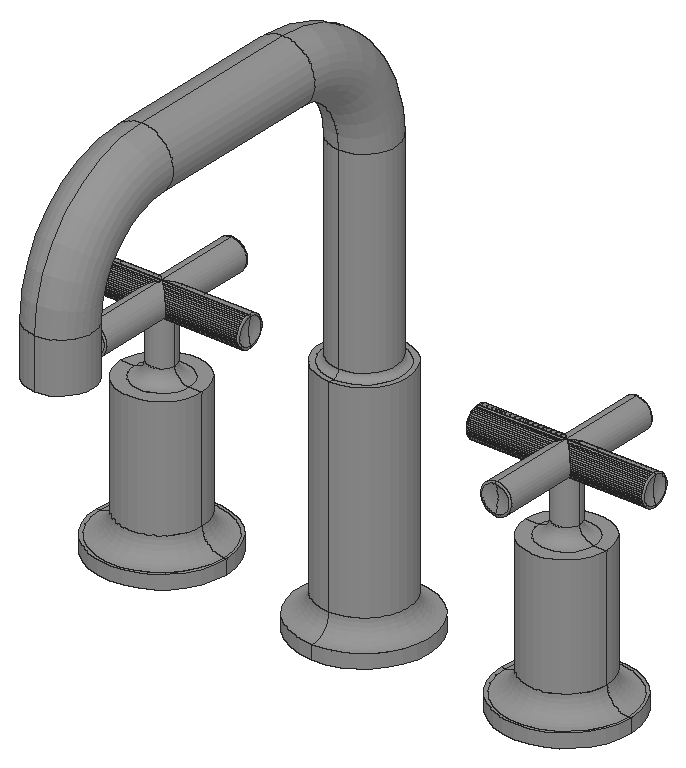
Revit family "Faucet-Deck_Mount-Bath-KOHLER-PURIST-K-14428T", category Plumbing Fixtures, host Face, Revit 2017
Family settings
  Host = Face
  Round Connector Dimension = Use Diameter
  Part Type = Normal
  OmniClass Number = 23.31.11.00
  OmniClass Title = Faucets
  Cut with Voids When Loaded = No
  Shared = No
  Room Calculation Point = No
Parameters (values of type "Not A Type-See Type Catalog")
  Width [instance] = Faucet Hole Spacing  # 8"
  WaterSense Certified = 1 = 0  # no
  Waste Water Outlet = "Waste Water Outlet"  # constant formula
  Waste Connection = 1 = 0  # no
  Vent Connection = 1 = 0  # no
  URL = "http://www.kohler.com.cn/"
  Type = 1
  Spout Reach = 7 1/2"  # constant formula
  Product Page URL = "https://www.kohler.com.cn/product/K-14428T-3-CP/K-14428T-3-CP/"
  Product Name = "Purist"  # constant formula
  Product Documentation Link = "https://files.kohler.com.cn/pdfs/1535707372560_14428T.pdf"
  Pressure = 0.00 psi  # constant formula
  Model = if(Type = 1, "K-14428T-3-CP", if(Type = 2, "K-14428T-3-BN", if(Type = 3, "K-14428T-3-RGD", if(Type = 4, "K-14428T-3-BGD", if(Type = 5, "K-14428T-3-PGD", if(Type = 6, "K-14428T-3-SN", if(Type = 7, "K-14428T-4-CP", if(Type = 8, "K-14428T-4-BN", if(Type = 9, "K-14428T-4-RGD", if(Type = 10, "K-14428T-4-BGD", if(Type = 11, "K-14428T-4-PGD", if(Type = 12, "K-14428T-4-SN", "NA"))))))))))))  # "K-14428T-3-CP"
  Material = "Premium Metal Construction"  # constant formula
  Master Format 2014 Name = "Residential Faucets, Supplies, and Trim"  # constant formula
  Master Format 2014 = "22 41 39"  # constant formula
  Manufacturer Address = "Kohler Beijing Office (100016) 36-2-03-B, No. 88, Liuxiang Road, Beijing"  # constant formula
  Manufacturer = "KOHLER Co."  # constant formula
  Lever Handle = or(Type = 7, Type = 8, Type = 9, Type = 10, Type = 11, Type = 12)  # no
  Length = Spout Reach  # 7 1/2"
  Hot Water Inlet = "Hot Water Inlet"  # constant formula
  Height = 11 3/8"  # constant formula
  Handle Clearance = if(Lever Handle, 2 5/8", 3 1/2")  # 3 1/2"
  HW Connection = 1 = 1  # yes
  Flow Rate = 0 GPM  # constant formula
  Finish = Default
  Faucet Hole Spacing [instance] = 8"
  Environmental Product Declaration = ""
  Drain Included = 1 = 1  # yes
  Dist = if(Cross Handle, 1 3/4", 0")  # 1 3/4"
  Description = if(or(Type = 1, Type = 2, Type = 3, Type = 4, Type = 5, Type = 6), "bathtub faucet with cross handle", "Deck mount bath faucet- lever handle")  # "bathtub faucet with cross handle"
  Default Elevation = 36"
  Declare Label = ""
  Date Modified = "08/20/2020"  # constant formula
  Date Created = "08/20/2020"  # constant formula
  Cross Handle = or(Type = 1, Type = 2, Type = 3, Type = 4, Type = 5, Type = 6)  # yes
  Copyright = "Copyright KOHLER Co."  # constant formula
  Contact Us = "http://www.kohler.com.cn/contact/contact-us/"
  Cold Water Inlet = "Cold Water Inlet"  # constant formula
  CW Connection = 1 = 1  # yes
  Assembly Code = "D2010"
  ADA Compliant = 1 = 0  # no
Reference planes (in)
  plane 1 "Center (Front/Back)": y = 0
  plane 2: z = 0
  plane 3 "Center (Left/Right)": x = 0
  plane 4: x = -4
  plane 5: x = -2.25
  plane 6: x = -5.27994
  plane 7: x = -2.72006
  plane 8: x = 4
  plane 9: x = 2.25
  plane 10: x = 5.27994
  plane 11: x = 2.72006
  plane 12: y = 1.75211
  plane 13: y = 1.27865
  plane 14: y = -1.75211
  plane 15: y = -1.27865
  plane 16: y = -7.5
  plane 17: z = 7.755
  plane 18: z = 4.76199
  plane 19: x = -5.75
  plane 20: x = 5.75
  plane 21: y = -8.125
  plane 22: z = 11.375
  plane 23: x = -0.86224
  plane 24: x = -3.20009
  plane 25: x = -4.79991
  plane 26: x = 3.20009
  plane 27: x = 4.79991
  plane 28: x = -1.28
  plane 29: x = 0.86224
  plane 30: x = 1.28
  plane 31: y = 0.80012
  plane 32: y = -0.80012
  plane 33: x = -0.62564
  plane 34: x = 0.62564
  plane 35: z = 0.26693
Dimensions and locks (in)
  equal spacing: plane 6, plane 4, plane 7
  equal spacing: plane 11, plane 8, plane 10
  locked: plane 6 to plane 7 at 2.55988
  locked: plane 11 to plane 10 at 2.55988
  "Length": plane 16 to plane 1 "Center (Front/Back)"
  equal spacing: plane 4, plane 3 "Center (Left/Right)", plane 8
  "Faucet Hole Spacing": plane 4 to plane 8
  plane 18 to level = 4.76199"
  "Dist": plane 4 to plane 5
  "Dist": plane 8 to plane 9
  "Handle Clearance": plane 19 to plane 5
  "Handle Clearance": plane 20 to plane 9
  plane 17 to host face = 7.755"
  "Height": plane 22 to level
  "Spout Reach": plane 1 "Center (Front/Back)" to plane 16
  locked: plane 25 to plane 24 at 1.59982
  locked: plane 26 to plane 27 at 1.59982
  equal spacing: plane 25, plane 4, plane 24
  equal spacing: plane 26, plane 8, plane 27
  aligned and locked: plane 2 to host face
  aligned and locked: level to host face
  aligned and locked: nested 2 to plane 4
  aligned and locked: plane 8 to nested 3
Automatic sketch dimensions
  host sketch curve to host sketch curve = 96"  (x2)
Nested families (in)
  nested 1: "K-14428T_Spaut" at (0, 0, 0), type "K-14428T_Spaut"
  nested 2: "K-14428T_Handle" at (-4, 0, 0), type "K-14428T_Handle"
    with Lever Handle no
  nested 3: "K-14428T_Handle" at (4, 0, 0) x (-1, 0, 0) z (0, 0, 1), type "K-14428T_Handle"
    with Lever Handle no
Connectors (in)
  piping at (-4, 0, 0), diameter 0.5, driven by "Flow Rate", driven by "Pressure", driven by "HW Connection", driven by "Hot Water Inlet"
    settings: on nested 2, index 1, connector inside diameter 24", connector length 0", flow factor 0, pipe flow 0 GPM, pressure drop 0.00 psi, fitting loss kfactor 0, connector angle 0.00°, fixture units 0, engagement length 0", angle of deflection 0.00°, flow configuration 0, flow direction 1, fitting loss method 0, system type 19, joint type 0, gender type 0, connector reference index -1, connector utility 1, adjustable connector no, is connector primary yes, connector description "Hot Water Inlet"
  piping at (4, 0, 0), diameter 0.5, driven by "Flow Rate", driven by "Pressure", driven by "CW Connection", driven by "Cold Water Inlet"
    settings: on nested 3, index 2, connector inside diameter 24", connector length 0", flow factor 0, pipe flow 0 GPM, pressure drop 0.00 psi, fitting loss kfactor 0, connector angle 0.00°, fixture units 0, engagement length 0", angle of deflection 0.00°, flow configuration 0, flow direction 1, fitting loss method 0, system type 20, joint type 0, gender type 0, connector reference index -1, connector utility 1, adjustable connector no, is connector primary no, connector description "Cold Water Inlet"
Definition of nested family "K-14428T_Spaut"
  Parameters (values of type "K-14428IN")
    Material = none
  Reference planes (in)
    plane 1 "Center (Front/Back)": y = 0
    plane 2: z = 0
    plane 3 "Center (Left/Right)": x = 0
    plane 4: z = 11.37095
    plane 5: z = 10.1212
    plane 6: x = -1.28
    plane 7: x = 1.28
    plane 8: z = 11.37136
    plane 9: y = -7.49984
    plane 10: z = 7.755
    plane 11: z = 8.74396
    plane 12: y = -8.12563
    plane 13: y = 1.28
    plane 14: y = -1.28
    plane 15: z = 4.82497
  Forms (in)
    Revolve 1, solid, material <- "Material", detail levels medium+fine
      sketch origin (0, 0, 0) x (0, 1, 0) y (0, 0, 1)
        loop
          line (0, 0) -> (1.28, 0) -> (1.28, 0.2705)
          arc (1.28, 0.2705) -> (0.9859, 0.37957) -> (0.86225, 0.66784) r 0.39784
          line (0.86225, 0.66784) -> (0.86225, 4.74) -> (0.75455, 4.74)
          arc (0.75455, 4.74) -> (0.6634, 4.77776) -> (0.62564, 4.86891) r 0.12891
          line (0.62564, 4.86891) -> (0.62564, 5.10374) -> (0, 5.10374) -> (0, 0)
        axis (0, 5.10374) -> (0, 0)
      angle from 0 to 360
    Sweep 2, solid, material <- "Material", detail levels medium+fine
      path origin (0, 0, 0) x (0, 1, 0) y (0, 0, 1)
        loop
          line (0, 3.74531) -> (0, 8.74531)
          arc (0, 8.74531) -> (-0.58578, 10.15952) -> (-2, 10.74531) r 2
          line (-2, 10.74531) -> (-5.5, 10.74531)
          arc (-5.5, 10.74531) -> (-6.91421, 10.15952) -> (-7.5, 8.74531) r 2
          line (-7.5, 8.74531) -> (-7.5, 7.755)
      profile origin (0, -0.58578, 10.15952) x (0, -0.707107, -0.707107) y (1, 0, 0)
        loop
          circle (0, 0) r 0.62564
    Revolve 3, solid, material <- "Material", detail levels medium+fine
      sketch origin (0, 0, 0) x (0, 1, 0) y (0, 0, 1)
        loop
          line (0.7625, 1.09) -> (0.90042, 1.09)
          arc (0.90042, 1.09) -> (0.89043, 1.17711) -> (0.86216, 1.2601) r 0.41056
          arc (0.86216, 1.2601) -> (0.85014, 1.26853) -> (0.83683, 1.26233) r 0.01468
          line (0.83683, 1.26233) -> (0.8069, 1.21958) -> (0.7625, 1.21958) -> (0.7625, 1.09)
        axis (0.90042, 1.09) -> (0.7625, 1.09)
      angle from 0 to 360
    Revolve 4, solid, material <- "Material", detail levels coarse
      sketch origin (0, 0, 0) x (0, 1, 0) y (0, 0, 1)
        loop
          line (0, 0) -> (1.28, 0) -> (1.28, 0.2705) -> (0.85551, 0.2705) -> (0.85551, 4.74) -> (0.50064, 4.74) -> (0.50064, 6.08874) -> (0, 6.08874) -> (0, 0)
        axis (0, 6.08874) -> (0, 0)
      angle from 0 to 360
    Sweep 5, solid, material <- "Material", detail levels coarse
      path origin (0, 0, 0) x (0, 1, 0) y (0, 0, 1)
        loop
          line (0, 3.99) -> (0, 8.73394)
          arc (0, 8.73394) -> (-0.58922, 10.15644) -> (-2.01172, 10.74566) r 2.01172
          line (-2.01172, 10.74566) -> (-5.5, 10.74566)
          arc (-5.5, 10.74566) -> (-6.91421, 10.15987) -> (-7.5, 8.74566) r 2
          line (-7.5, 8.74566) -> (-7.5, 7.755)
      profile origin (0, 0, 6.36197) x (0, -1, 0) y (1, 0, 0)
        loop
          circle (0, 0) r 0.62564
  Cuts and joins
    joined: Revolve 4, Sweep 5
    joined: Revolve 1, Sweep 2
  Lines and regions (in)
    Masking region 1
      outline origin (0, 0, 0) x (0, 1, 0) y (0, 0, 1)
        loop
          line (0, 0) -> (1.28, 0) -> (1.28, 0.2705)
          arc (1.28, 0.2705) -> (0.999, 0.36721) -> (0.86224, 0.63105) r 0.40003
          line (0.86224, 0.63105) -> (0.86224, 0.92017)
          arc (0.86224, 0.92017) -> (0.89925, 1.09162) -> (0.86225, 1.26306) r 0.41561
          line (0.86225, 1.26306) -> (0.86225, 4.74) -> (0.74249, 4.74)
          arc (0.74249, 4.74) -> (0.67108, 4.76462) -> (0.62564, 4.82497) r 0.12918
          line (0.62564, 4.82497) -> (0.62564, 8.74617)
          arc (0.62564, 8.74617) -> (-0.14314, 10.60217) -> (-1.99914, 11.37095) r 2.62478
          line (-1.99914, 11.37095) -> (-5.49939, 11.37095)
          arc (-5.49939, 11.37095) -> (-7.35586, 10.60197) -> (-8.12484, 8.7455) r 2.62545
          line (-8.12484, 8.7455) -> (-8.12484, 7.755) -> (-6.87484, 7.755) -> (-6.87484, 8.74318)
          arc (-6.87484, 8.74318) -> (-6.47122, 9.71759) -> (-5.49681, 10.1212) r 1.37802
          line (-5.49681, 10.1212) -> (-1.99987, 10.1212)
          arc (-1.99987, 10.1212) -> (-1.02814, 9.7187) -> (-0.62564, 8.74697) r 1.37423
          line (-0.62564, 8.74697) -> (-0.62564, 4.82497)
          arc (-0.62564, 4.82497) -> (-0.67108, 4.76462) -> (-0.74249, 4.74) r 0.12918
          line (-0.74249, 4.74) -> (-0.86225, 4.74) -> (-0.86225, 0.63105)
          arc (-0.86225, 0.63105) -> (-0.999, 0.36721) -> (-1.28, 0.2705) r 0.40003
          line (-1.28, 0.2705) -> (-1.28, 0) -> (0, 0)
    Masking region 2
      outline origin (0, 0, 0) x (1, 0, 0) y (0, 0, 1)
        loop
          line (0, 0) -> (1.28, 0) -> (1.28, 0.2705)
          arc (1.28, 0.2705) -> (0.99321, 0.37065) -> (0.86363, 0.6454) r 0.39278
          line (0.86363, 0.6454) -> (0.86363, 4.74) -> (0.75038, 4.74)
          arc (0.75038, 4.74) -> (0.67491, 4.76326) -> (0.62564, 4.82497) r 0.13405
          line (0.62564, 4.82497) -> (0.62564, 10.74742)
          arc (0.62564, 10.74742) -> (0, 11.37306) -> (-0.62564, 10.74742) r 0.62564
          line (-0.62564, 10.74742) -> (-0.62564, 4.82497)
          arc (-0.62564, 4.82497) -> (-0.67491, 4.76326) -> (-0.75038, 4.74) r 0.13405
          line (-0.75038, 4.74) -> (-0.86363, 4.74) -> (-0.86363, 0.6454)
          arc (-0.86363, 0.6454) -> (-0.99321, 0.37065) -> (-1.28, 0.2705) r 0.39278
          line (-1.28, 0.2705) -> (-1.28, 0) -> (0, 0)
    Masking region 3
      outline origin (0, 0, 0) x (1, 0, 0) y (0, 1, 0)
        loop
          arc (0.62564, -1.11668) -> (0, 1.28) -> (-0.62564, -1.11668) r 1.28
          line (-0.62564, -1.11668) -> (-0.62564, -7.50063)
          arc (-0.62564, -7.50063) -> (0, -8.12627) -> (0.62564, -7.50063) r 0.62564
          line (0.62564, -7.50063) -> (0.62564, -1.11668)
    symbolic lines, detail levels medium+fine
      curve 1: line (0, -6.87484, 8.74396) -> (0, -8.12484, 8.74396)
      curve 2: line (0, 1.28, 0.2705) -> (0, -1.28, 0.2705)
      curve 3: line (0, 0.74249, 4.74) -> (0, -0.74249, 4.74)
      curve 4: line (0, 0.62564, 4.82497) -> (0, -0.62564, 4.82497)
      curve 5: line (-0.62564, 0, 8.74584) -> (0.62564, 0, 8.74584)
      curve 6: line (-0.62564, 0, 7.755) -> (0.62564, 0, 7.755)
      curve 7: line (0, 0, 4.74) -> (-0.86224, 0, 4.74)
      curve 8: line (0.86224, 0, 4.74) -> (0, 0, 4.74)
      curve 9: line (-1.28, 0, 0.2705) -> (1.28, 0, 0.2705)
      curve 10: line (-0.62564, 0, 4.82497) -> (0.62564, 0, 4.82497)
      curve 11: arc (0.62564, -0.59333, 0) -> (0, 0.86225, 0) -> (-0.62564, -0.59333, 0) r 0.86224
      curve 12: arc (-0.62564, -0.41361, 0) -> (0, 0.75, 0) -> (0.62564, -0.41361, 0) r 0.75
      curve 13: arc (-0.62564, 0, 0) -> (0, 0.62564, 0) -> (0.62564, 0, 0) r 0.62564
      curve 14: line (0.62564, 0, 0) -> (0.62564, -1.11668, 0)
      curve 15: line (-0.62564, 0, 0) -> (-0.62564, -1.11668, 0)
      curve 16: arc (0, 0.86224, 0.92017) -> (0, 0.8426, 1.09162) -> (0, 0.86225, 1.26306) r 0.75796
  Dimensions and locks (in)
    aligned and locked: plane 2 to level
Definition of nested family "K-14428T_Handle"
  Parameters (values of type "14428M_Lever")
    Material = none
    Lever Handle = yes
    Croos Handle = yes
  Reference planes (in)
    plane 1 "Center (Front/Back)": y = 0
    plane 2: z = 0
    plane 3 "Center (Left/Right)": x = 0
    plane 4: x = -1.75183
    plane 5: x = 1.74997
    plane 6: x = -2.63856
    plane 7: x = -1.27994
    plane 8: x = 1.27994
    plane 9: z = 4.76199
    plane 10: y = 1.74997
    plane 11: y = 1.27994
    plane 12: y = -1.74997
    plane 13: y = -1.27994
  Forms (in)
    Revolve 1, solid, material <- "Material", detail levels medium+fine
      sketch origin (0, 0, 0) x (1, 0, 0) y (0, 0, 1)
        loop
          line (0, 0) -> (0, 4.312) -> (-0.26, 4.312) -> (-0.26, 3.342)
          arc (-0.26, 3.342) -> (-0.34201, 3.14401) -> (-0.54, 3.062) r 0.28
          line (-0.54, 3.062) -> (-0.8, 3.062) -> (-0.8, 0.69065)
          arc (-0.8, 0.69065) -> (-0.9232, 0.3932) -> (-1.22065, 0.27) r 0.42065
          line (-1.22065, 0.27) -> (-1.27994, 0.27) -> (-1.27994, 0) -> (0, 0)
        axis (0, 4.312) -> (0, 0)
      angle from 0 to 360
    Revolve 2, solid, material <- "Material", visible <- "Lever Handle", detail levels medium+fine
      sketch origin (0, 0, 0) x (1, 0, 0) y (0, 0, 1)
        loop
          line (-2.58806, 4.46162) -> (1.30202, 4.46162)
          arc (1.30202, 4.46162) -> (1.31516, 4.59815) -> (1.35009, 4.73078) r 0.84963
          arc (1.35009, 4.73078) -> (1.3471, 4.7521) -> (1.32798, 4.76199) r 0.02344
          line (1.32798, 4.76199) -> (-2.61401, 4.76199)
          arc (-2.61401, 4.76199) -> (-2.63314, 4.7521) -> (-2.63612, 4.73078) r 0.02344
          arc (-2.63612, 4.73078) -> (-2.60119, 4.59815) -> (-2.58806, 4.46162) r 0.84963
        axis (-2.63612, 4.46162) -> (1.35009, 4.46162)
      angle from 0 to 360
    Revolve 3, solid, material <- "Material", visible <- "Croos Handle", detail levels medium+fine
      sketch origin (0, 0, 0) x (1, 0, 0) y (0, 0, 1)
        loop
          line (0, 4.76199) -> (-1.72749, 4.76199)
          arc (-1.72749, 4.76199) -> (-1.74666, 4.75204) -> (-1.74955, 4.73064) r 0.02344
          arc (-1.74955, 4.73064) -> (-1.71448, 4.59837) -> (-1.70241, 4.46206) r 0.80184
          line (-1.70241, 4.46206) -> (1.7024, 4.46206)
          arc (1.7024, 4.46206) -> (1.71448, 4.59837) -> (1.74955, 4.73064) r 0.80184
          arc (1.74955, 4.73064) -> (1.74666, 4.75204) -> (1.72749, 4.76199) r 0.02344
          line (1.72749, 4.76199) -> (0, 4.76199)
        axis (-1.74955, 4.46206) -> (1.74955, 4.46206)
      angle from 0 to 360
    Revolve 4, solid, material <- "Material", visible <- "Croos Handle", detail levels medium+fine
      sketch origin (0, 0, 0) x (0, 1, 0) y (0, 0, 1)
        loop
          line (0, 4.76199) -> (-1.72749, 4.76199)
          arc (-1.72749, 4.76199) -> (-1.74666, 4.75204) -> (-1.74955, 4.73064) r 0.02344
          arc (-1.74955, 4.73064) -> (-1.71448, 4.59837) -> (-1.70241, 4.46206) r 0.80184
          line (-1.70241, 4.46206) -> (1.7024, 4.46206)
          arc (1.7024, 4.46206) -> (1.71448, 4.59837) -> (1.74955, 4.73064) r 0.80184
          arc (1.74955, 4.73064) -> (1.74666, 4.75204) -> (1.72749, 4.76199) r 0.02344
          line (1.72749, 4.76199) -> (0, 4.76199)
        axis (-1.74955, 4.46206) -> (1.74955, 4.46206)
      angle from 0 to 360
    Revolve 5, solid, material <- "Material", detail levels coarse
      sketch origin (0, 0, 0) x (1, 0, 0) y (0, 0, 1)
        loop
          line (0, 0) -> (0, 4.312) -> (-0.26, 4.312) -> (-0.26, 3.062) -> (-0.8, 3.062) -> (-0.8, 0.27) -> (-1.27994, 0.27) -> (-1.27994, 0) -> (0, 0)
        axis (0, 4.312) -> (0, 0)
      angle from 0 to 360
    Revolve 6, solid, material <- "Material", visible <- "Lever Handle", detail levels coarse
      sketch origin (0, 0, 0) x (1, 0, 0) y (0, 0, 1)
        loop
          line (-2.63648, 4.46162) -> (1.34178, 4.46162) -> (1.34178, 4.76199) -> (-2.63648, 4.76199) -> (-2.63648, 4.46162)
        axis (-2.63648, 4.46162) -> (1.34178, 4.46162)
      angle from 0 to 360
    Revolve 7, solid, material <- "Material", visible <- "Croos Handle", detail levels coarse
      sketch origin (0.00433, 0.00433, 0) x (0, -1, 0) y (0, 0, 1)
        loop
          line (1.74997, 4.46206) -> (1.74997, 4.76199) -> (-1.7413, 4.76199) -> (-1.7413, 4.46206) -> (1.74997, 4.46206)
        axis (-1.7413, 4.46206) -> (1.74997, 4.46206)
      angle from 0 to 360
    Revolve 8, solid, material <- "Material", visible <- "Croos Handle", detail levels medium+fine
      sketch origin (0, 0, 0) x (-1, 0, 0) y (0, 0, 1)
        loop
          line (0, 4.76199) -> (-1.72749, 4.76199)
          arc (-1.72749, 4.76199) -> (-1.74666, 4.75204) -> (-1.74955, 4.73064) r 0.02344
          arc (-1.74955, 4.73064) -> (-1.71448, 4.59837) -> (-1.70241, 4.46206) r 0.80184
          line (-1.70241, 4.46206) -> (1.7024, 4.46206)
          arc (1.7024, 4.46206) -> (1.71448, 4.59837) -> (1.74955, 4.73064) r 0.80184
          arc (1.74955, 4.73064) -> (1.74666, 4.75204) -> (1.72749, 4.76199) r 0.02344
          line (1.72749, 4.76199) -> (0, 4.76199)
        axis (-1.74955, 4.46206) -> (1.74955, 4.46206)
      angle from 0 to 360
    Revolve 9, solid, material <- "Material", visible <- "Croos Handle", detail levels coarse
      sketch origin (0, 0, 0) x (1, 0, 0) y (0, 0, 1)
        loop
          line (1.74997, 4.46206) -> (1.74997, 4.76199) -> (-1.7413, 4.76199) -> (-1.7413, 4.46206) -> (1.74997, 4.46206)
        axis (-1.7413, 4.46206) -> (1.74997, 4.46206)
      angle from 0 to 360
    Extrusion 10, solid, material <- "Material", detail levels medium+fine
      sketch origin (0, 0, 0) x (1, 0, 0) y (0, 1, 0)
        loop
          circle (0, 0) r 0.25
      from 0 to 0.12087
  Lines and regions (in)
    Masking region 1
      outline origin (0, 0, 0) x (1, 0, 0) y (0, 0, 1)
        loop
          line (0, 0) -> (1.27994, 0) -> (1.27994, 0.27)
          arc (1.27994, 0.27) -> (0.93456, 0.38349) -> (0.79998, 0.72122) r 0.42945
          line (0.79998, 0.72122) -> (0.79998, 3.06216) -> (-0.79998, 3.06216) -> (-0.79998, 0.72122)
          arc (-0.79998, 0.72122) -> (-0.93456, 0.38349) -> (-1.27994, 0.27) r 0.42945
          line (-1.27994, 0.27) -> (-1.27994, 0) -> (0, 0)
    Masking region 2, visible <- "Croos Handle"
      outline origin (0, 0, 0) x (1, 0, 0) y (0, 0, 1)
        loop
          line (-0.26002, 4.16131) -> (-0.26002, 3.34142)
          arc (-0.26002, 3.34142) -> (-0.34181, 3.14395) -> (-0.53927, 3.06216) r 0.27926
          line (-0.53927, 3.06216) -> (0.53927, 3.06216)
          arc (0.53927, 3.06216) -> (0.34181, 3.14395) -> (0.26002, 3.34142) r 0.27926
          line (0.26002, 3.34142) -> (0.26002, 4.16131) -> (1.73221, 4.16131)
          arc (1.73221, 4.16131) -> (1.74608, 4.16705) -> (1.75183, 4.18093) r 0.01962
          line (1.75183, 4.18093) -> (1.75183, 4.74225)
          arc (1.75183, 4.74225) -> (1.74605, 4.75621) -> (1.73209, 4.76199) r 0.01974
          line (1.73209, 4.76199) -> (-1.73209, 4.76199)
          arc (-1.73209, 4.76199) -> (-1.74605, 4.75621) -> (-1.75183, 4.74225) r 0.01974
          line (-1.75183, 4.74225) -> (-1.75183, 4.18093)
          arc (-1.75183, 4.18093) -> (-1.74608, 4.16705) -> (-1.73221, 4.16131) r 0.01962
          line (-1.73221, 4.16131) -> (-0.26002, 4.16131)
    Masking region 3, visible <- "Croos Handle"
      outline origin (0, -0.00024, 0.00073) x (0, 1, 0) y (0, 0, 1)
        loop
          line (0.26023, 4.16143) -> (1.73242, 4.16143)
          arc (1.73242, 4.16143) -> (1.7463, 4.16718) -> (1.75204, 4.18105) r 0.01962
          line (1.75204, 4.18105) -> (1.75204, 4.74237)
          arc (1.75204, 4.74237) -> (1.74626, 4.75633) -> (1.7323, 4.76212) r 0.01974
          line (1.7323, 4.76212) -> (-1.73188, 4.76212)
          arc (-1.73188, 4.76212) -> (-1.74584, 4.75633) -> (-1.75162, 4.74237) r 0.01974
          line (-1.75162, 4.74237) -> (-1.75162, 4.18105)
          arc (-1.75162, 4.18105) -> (-1.74587, 4.16718) -> (-1.732, 4.16143) r 0.01962
          line (-1.732, 4.16143) -> (-0.25981, 4.16143) -> (-0.25981, 3.34068)
          arc (-0.25981, 3.34068) -> (-0.3416, 3.14322) -> (-0.53906, 3.06143) r 0.27926
          line (-0.53906, 3.06143) -> (0.53949, 3.06143)
          arc (0.53949, 3.06143) -> (0.34202, 3.14322) -> (0.26023, 3.34068) r 0.27926
          line (0.26023, 3.34068) -> (0.26023, 4.16143)
    Masking region 4
      outline origin (0, 0, 0) x (0, 1, 0) y (0, 0, 1)
        loop
          line (0, 0) -> (1.27994, 0) -> (1.27994, 0.27)
          arc (1.27994, 0.27) -> (0.93456, 0.38349) -> (0.79999, 0.72122) r 0.42945
          line (0.79999, 0.72122) -> (0.79999, 3.06216) -> (-0.79998, 3.06216) -> (-0.79998, 0.72122)
          arc (-0.79998, 0.72122) -> (-0.93456, 0.38349) -> (-1.27994, 0.27) r 0.42945
          line (-1.27994, 0.27) -> (-1.27994, 0) -> (0, 0)
    Masking region 5, visible <- "Lever Handle"
      outline origin (0, 0, 0) x (1, 0, 0) y (0, 0, 1)
        loop
          line (-0.26002, 4.16131) -> (-0.26002, 3.34142)
          arc (-0.26002, 3.34142) -> (-0.34181, 3.14395) -> (-0.53927, 3.06216) r 0.27926
          line (-0.53927, 3.06216) -> (0.53927, 3.06216)
          arc (0.53927, 3.06216) -> (0.34181, 3.14395) -> (0.26002, 3.34142) r 0.27926
          line (0.26002, 3.34142) -> (0.26002, 4.16131) -> (1.33291, 4.16131)
          arc (1.33291, 4.16131) -> (1.34678, 4.16705) -> (1.35253, 4.18093) r 0.01962
          line (1.35253, 4.18093) -> (1.35253, 4.74225)
          arc (1.35253, 4.74225) -> (1.34675, 4.75621) -> (1.33279, 4.76199) r 0.01974
          line (1.33279, 4.76199) -> (-2.61883, 4.76199)
          arc (-2.61883, 4.76199) -> (-2.63279, 4.75621) -> (-2.63857, 4.74225) r 0.01974
          line (-2.63857, 4.74225) -> (-2.63857, 4.18093)
          arc (-2.63857, 4.18093) -> (-2.63283, 4.16705) -> (-2.61895, 4.16131) r 0.01962
          line (-2.61895, 4.16131) -> (-0.26002, 4.16131)
    Masking region 6, visible <- "Croos Handle"
      outline origin (0, 0, 0) x (1, 0, 0) y (0, 1, 0)
        loop
          arc (-0.30002, 1.24428) -> (-0.90482, 0.90528) -> (-1.24413, 0.30065) r 1.27994
          line (-1.24413, 0.30065) -> (-1.73228, 0.30065)
          arc (-1.73228, 0.30065) -> (-1.74619, 0.29489) -> (-1.75195, 0.28098) r 0.01967
          line (-1.75195, 0.28098) -> (-1.75195, 0) -> (-1.75195, -0.28098)
          arc (-1.75195, -0.28098) -> (-1.74619, -0.29489) -> (-1.73228, -0.30065) r 0.01967
          line (-1.73228, -0.30065) -> (-1.24413, -0.30065)
          arc (-1.24413, -0.30065) -> (-0.90482, -0.90528) -> (-0.30002, -1.24428) r 1.27994
          line (-0.30002, -1.24428) -> (-0.30002, -1.73245)
          arc (-0.30002, -1.73245) -> (-0.29426, -1.74635) -> (-0.28035, -1.75211) r 0.01966
          line (-0.28035, -1.75211) -> (0, -1.75211) -> (0.28035, -1.75211)
          arc (0.28035, -1.75211) -> (0.29426, -1.74635) -> (0.30002, -1.73245) r 0.01966
          line (0.30002, -1.73245) -> (0.30002, -1.24428)
          arc (0.30002, -1.24428) -> (0.90482, -0.90528) -> (1.24413, -0.30065) r 1.27994
          line (1.24413, -0.30065) -> (1.73228, -0.30065)
          arc (1.73228, -0.30065) -> (1.74619, -0.29489) -> (1.75195, -0.28098) r 0.01967
          line (1.75195, -0.28098) -> (1.75195, 0) -> (1.75195, 0.28098)
          arc (1.75195, 0.28098) -> (1.74619, 0.29489) -> (1.73228, 0.30065) r 0.01967
          line (1.73228, 0.30065) -> (1.24413, 0.30065)
          arc (1.24413, 0.30065) -> (0.90482, 0.90528) -> (0.30002, 1.24428) r 1.27994
          line (0.30002, 1.24428) -> (0.30002, 1.73245)
          arc (0.30002, 1.73245) -> (0.29426, 1.74635) -> (0.28035, 1.75211) r 0.01966
          line (0.28035, 1.75211) -> (0, 1.75211) -> (-0.28035, 1.75211)
          arc (-0.28035, 1.75211) -> (-0.29426, 1.74635) -> (-0.30002, 1.73245) r 0.01966
          line (-0.30002, 1.73245) -> (-0.30002, 1.24428)
    Masking region 7, visible <- "Lever Handle"
      outline origin (0, 0, 0) x (1, 0, 0) y (0, 1, 0)
        loop
          line (-1.24413, 0.30065) -> (-2.61889, 0.30065)
          arc (-2.61889, 0.30065) -> (-2.6328, 0.29489) -> (-2.63856, 0.28098) r 0.01967
          line (-2.63856, 0.28098) -> (-2.63856, 0) -> (-2.63856, -0.28098)
          arc (-2.63856, -0.28098) -> (-2.6328, -0.29489) -> (-2.61889, -0.30065) r 0.01967
          line (-2.61889, -0.30065) -> (-1.24413, -0.30065)
          arc (-1.24413, -0.30065) -> (0, -1.27994) -> (1.24413, -0.30065) r 1.27994
          line (1.24413, -0.30065) -> (1.33287, -0.30065)
          arc (1.33287, -0.30065) -> (1.34677, -0.29489) -> (1.35254, -0.28098) r 0.01967
          line (1.35254, -0.28098) -> (1.35254, 0) -> (1.35254, 0.28098)
          arc (1.35254, 0.28098) -> (1.34677, 0.29489) -> (1.33287, 0.30065) r 0.01967
          line (1.33287, 0.30065) -> (1.24413, 0.30065)
          arc (1.24413, 0.30065) -> (0, 1.27994) -> (-1.24413, 0.30065) r 1.27994
    Masking region 8, visible <- "Lever Handle"
      outline origin (0, 0, 0) x (0, 1, 0) y (0, 0, 1)
        loop
          arc (0.26, 4.31252) -> (0, 4.76199) -> (-0.26, 4.31252) r 0.29994
          line (-0.26, 4.31252) -> (-0.26, 3.3446)
          arc (-0.26, 3.3446) -> (-0.34277, 3.14477) -> (-0.5426, 3.062) r 0.2826
          line (-0.5426, 3.062) -> (0.5426, 3.062)
          arc (0.5426, 3.062) -> (0.34277, 3.14477) -> (0.26, 3.3446) r 0.2826
          line (0.26, 3.3446) -> (0.26, 4.31252)
    symbolic lines, visible <- "Croos Handle", detail levels medium+fine
      curve 1: circle (0, 0, 4.46206) r 0.29994 normal (0, -1, 0)
      curve 2: circle (0, 0, 4.46206) r 0.26973 normal (0, 1, 0)
      curve 3: circle (0, 0, 4.46162) r 0.30037 normal (-1, 0, 0)
      curve 4: circle (0, 0, 4.46162) r 0.27016 normal (1, 0, 0)
      curve 5: line (-0.30064, 1.24413, 0) -> (-0.30064, 0.30269, 0)
      curve 6: line (-0.30064, 0.30269, 0) -> (-1.24363, 0.30269, 0)
      curve 7: line (0.30064, 1.24413, 0) -> (0.30064, 0.30269, 0)
      curve 8: line (0.30064, 0.30269, 0) -> (1.24363, 0.30269, 0)
      curve 9: line (-0.30064, -1.24413, 0) -> (-0.30064, -0.30269, 0)
      curve 10: line (-0.30064, -0.30269, 0) -> (-1.24363, -0.30269, 0)
      curve 11: line (0.30064, -1.24413, 0) -> (0.30064, -0.30269, 0)
      curve 12: line (0.30064, -0.30269, 0) -> (1.24363, -0.30269, 0)
      curve 13: arc (0.30064, 0.74136, 0) -> (0.5649, 0.56647, 0) -> (0.74053, 0.30269, 0) r 0.8
      curve 14: arc (0.74053, -0.30269, 0) -> (0.5649, -0.56647, 0) -> (0.30064, -0.74136, 0) r 0.8
      curve 15: arc (-0.74053, 0.30269, 0) -> (-0.5649, 0.56647, 0) -> (-0.30064, 0.74136, 0) r 0.8
      curve 16: arc (-0.30064, -0.74136, 0) -> (-0.5649, -0.56647, 0) -> (-0.74053, -0.30269, 0) r 0.8
      curve 21: line (-0.26002, 0, 4.16131) -> (-0.18394, 0, 4.22514)
      curve 22: line (0.26002, 0, 4.16131) -> (0.18394, 0, 4.22514)
      curve 25: line (0, 0.25999, 4.16216) -> (0, 0.18367, 4.22396)
      curve 26: line (0, -0.25999, 4.16216) -> (0, -0.18367, 4.22396)
      curve 27: line (-0.30064, 0.30269, 0) -> (0.30064, -0.30269, 0)
      curve 28: line (-0.30064, -0.30269, 0) -> (0.30064, 0.30269, 0)
    symbolic lines, visible <- "Lever Handle", detail levels medium+fine
      curve 17: arc (-0.74161, 0.30002, 0) -> (0, 0.8, 0) -> (0.74161, 0.30002, 0) r 0.8
      curve 18: arc (0.74259, -0.29758, 0) -> (0, -0.8, 0) -> (-0.74259, -0.29758, 0) r 0.8
      curve 19: line (1.24486, 0.30002, 0) -> (-1.24428, 0.30002, 0)
      curve 20: line (1.24486, -0.29758, 0) -> (-1.24487, -0.29758, 0)
      curve 29: arc (-0.26002, 0, 4.16131) -> (0, 0, 4.28278) -> (0.26002, 0, 4.16131) r 0.33904
      curve 30: arc (0, 0.26, 4.31252) -> (0, 0, 4.16212) -> (0, -0.26, 4.31252) r 0.29994
    symbolic lines, detail levels medium+fine
      curve 23: line (-1.22871, 0, 0.26693) -> (1.22871, 0, 0.26693)
      curve 24: line (0, 1.22871, 0.26693) -> (0, -1.22871, 0.26693)
  Dimensions and locks (in)
    aligned and locked: plane 2 to level
Types in the file's own list only (12): name | Type | Product Page URL | Product Documentation Link | Model | Lever Handle | Handle Clearance | Finish | Dist | Description | Cross Handle
  Cross Handle, CP-Polished Chrome | 1 | "https://www.kohler.com.cn/product/K-14428T-3-CP/K-14428T-3-CP/" | "https://files.kohler.com.cn/pdfs/1535707372560_14428T.pdf" | "K-14428T-3-CP" | No | 3 1/2" | Kohler-Metal-CP-Polished_Chrome | 1 3/4" | "bathtub faucet with cross handle" | Yes
  Lever Handle, CP-Polished Chrome | 7 |  |  | "K-14428T-4-CP" | Yes | 2 5/8" | Kohler-Metal-CP-Polished_Chrome | 0" | "Deck mount bath faucet- lever handle" | No
  Cross Handle,RGD- Rose Gold | 3 | "https://www.kohler.com.cn/product/K-14428T-3-CP/K-14428T-3-RGD/" | "https://files.kohler.com.cn/pdfs/1535707372560_14428T.pdf" | "K-14428T-3-RGD" | No | 3 1/2" | Kohler-Metal-RGD-Rose_Gold | 1 3/4" | "bathtub faucet with cross handle" | Yes
  Lever Handle, PGD-Eternal Gold | 11 |  |  | "K-14428T-4-PGD" | Yes | 2 5/8" | Kohler-Metal-PGD-Eternal_Gold | 0" | "Deck mount bath faucet- lever handle" | No
  Cross Handle,BN- Roman Gold | 2 | "https://www.kohler.com.cn/product/K-14428T-3-CP/K-14428T-3-CP/" | "https://files.kohler.com.cn/pdfs/1535707372560_14428T.pdf" | "K-14428T-3-BN" | No | 3 1/2" | Kohler-Metal-BN-Roman_Silver | 1 3/4" | "bathtub faucet with cross handle" | Yes
  Cross Handle,BGD- Roman Gold | 4 | "https://www.kohler.com.cn/product/K-14428T-3-CP/K-14428T-3-CP/" | "https://files.kohler.com.cn/pdfs/1535707372560_14428T.pdf" | "K-14428T-3-BGD" | No | 3 1/2" | Kohler-Metal-BGD-Romankin | 1 3/4" | "bathtub faucet with cross handle" | Yes
  Cross Handle,PGD- Eternal Gold | 5 | "https://www.kohler.com.cn/product/K-14428T-3-CP/K-14428T-3-CP/" | "https://files.kohler.com.cn/pdfs/1535707372560_14428T.pdf" | "K-14428T-3-PGD" | No | 3 1/2" | Kohler-Metal-PGD-Eternal_Gold | 1 3/4" | "bathtub faucet with cross handle" | Yes
  Cross Handle,SN-Champange Gold | 6 | "https://www.kohler.com.cn/product/K-14428T-3-CP/K-14428T-3-CP/" | "https://files.kohler.com.cn/pdfs/1535707372560_14428T.pdf" | "K-14428T-3-SN" | No | 3 1/2" | Kohler-Metal-SN-Champagne_Gold | 1 3/4" | "bathtub faucet with cross handle" | Yes
  Lever Handle, BN- Roman Gold | 8 |  |  | "K-14428T-4-BN" | Yes | 2 5/8" | Kohler-Metal-BN-Roman_Silver | 0" | "Deck mount bath faucet- lever handle" | No
  Lever Handle, RGD- Rose Gold | 9 |  |  | "K-14428T-4-RGD" | Yes | 2 5/8" | Kohler-Metal-RGD-Rose_Gold | 0" | "Deck mount bath faucet- lever handle" | No
  Lever Handle, BGD- Roman Gold | 10 |  |  | "K-14428T-4-BGD" | Yes | 2 5/8" | Kohler-Metal-BGD-Romankin | 0" | "Deck mount bath faucet- lever handle" | No
  Lever Handle, SN- Champangel Gold | 12 |  |  | "K-14428T-4-SN" | Yes | 2 5/8" | Kohler-Metal-SN-Champagne_Gold | 0" | "Deck mount bath faucet- lever handle" | No
